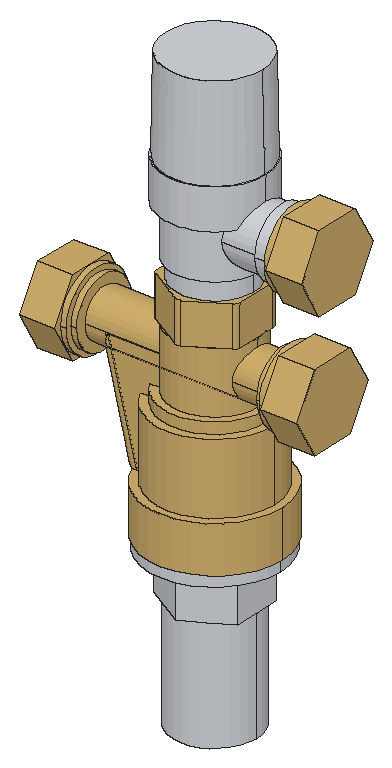
Revit family
Parameters (values of type "KHN3.104")
  URL = "http://www.autospec.co.za/browse.php?id=1644179288"
  Radius of Pipe = Diameter of Pipe / 2  # 7.5 mm
  Product Code = "KHN3.104"
  Pressure Rating = 400 kPa
  OmniClass Title = ""
  OmniClass Number = ""
  Modspec Classification = ""
  Specification = ""
  Location (revit room) = ""
  Model = "Pressure Control Mono Valve KHN3.104"
  Manufacturer = "Kwikot"  # constant formula
  Material = DZR Brass
  Diameter of Pipe = 15 mm
  Colour = none
  Body Finish = none
  Assembly Code = "D2090800"
Types (6, lengths in mm): name | Radius of Pipe | Product Code | Pressure Rating | Model | Diameter of Pipe
  (no name) | 7.5 | "KHN3.104" | 400 kPa | "Pressure Control Mono Valve KHN3.104" | 15
  KHN3.104 | 7.5 | "KHN3.104" | 400 kPa | "Pressure Control Mono Valve KHN3.104" | 15
  KHN3.106 | 7.5 | "KHN3.106" | 600 kPa | "Pressure Control Mono Valve KHN3.106" | 15
  KHN3.112 | 11 | "KHN3.112" | 200 kPa | "Pressure Control Mono Valve KHN3.112" | 22
  KHN3.114 | 11 | "KHN3.114" | 400 kPa | "Pressure Control Mono Valve KHN3.114" | 22
  KHN3.116 | 11 | "KHN3.116" | 600 kPa | "Pressure Control Mono Valve KHN3.116" | 22
Reference planes
  plane 1 "Center (Front/Back)": y = 0
  plane 2: z = 0
  plane 3 "Center (Left/Right)": x = 0
  plane 4: z = -102
  plane 5: z = 85
  plane 6: z = -67
  plane 7: x = 13
  plane 8: x = -13
  plane 9: z = -49.4
  plane 10: z = -34.9
  plane 11: z = -52.865
  plane 12: z = -12.9
  plane 13: z = -9.4
  plane 14: z = 9.6
  plane 15: z = 22.1
  plane 16: z = 28.1
  plane 17: z = 43.6
  plane 18: z = 56
  plane 19: x = 21.5
  plane 20: x = -34.5
  plane 21: x = 36.5
  plane 22: x = -49.5
  plane 23: x = 23.5
  plane 24: x = 25.5
  plane 25: x = -36.5
  plane 26: x = -38.5
  plane 27: z = 39.2
  plane 28: x = 38
  plane 29: x = 27
  plane 30: x = -6.5
Forms (mm)
  Extrusion 1, solid, detail levels fine
    sketch origin (-440, -1524, -102) x (-1, 0, 0) y (0, -1, 0)
      loop
        circle (-440, -1524) r 13
    from 0 to 35
  Extrusion 2, solid, detail levels fine
    sketch origin (-440, -1524, -67) x (-1, 0, 0) y (0, -1, 0)
      loop
        line (-453, -1531.506) -> (-440, -1539.011) -> (-427, -1531.506) -> (-427, -1516.494) -> (-440, -1508.989) -> (-453, -1516.494) -> (-453, -1531.506)
    from 0 to 14.135
  Extrusion 3, solid, detail levels fine
    sketch origin (-20.969, -1524, -52.865) x (-1, 0, 0) y (0, -1, 0)
      loop
        circle (-20.969, -1524) r 20.5
    from 0 to 3.465
  Extrusion 4, solid, material "DZR Brass" <- "Material", detail levels fine
    sketch origin (-165.612, -1524, -49.4) x (-1, 0, 0) y (0, -1, 0)
      loop
        circle (-165.612, -1524) r 21
    from 0 to 14.5
  Extrusion 5, solid, material "DZR Brass" <- "Material", detail levels fine
    sketch origin (0, 0, 0) x (0, 1, 0) y (0, 0, 1)
      loop
        circle (0, 0) r 7.5
    from 21.5 to -34.5
  Extrusion 6, solid, material "DZR Brass" <- "Material", detail levels fine
    sketch origin (-165.612, -1524, -34.9) x (-1, 0, 0) y (0, -1, 0)
      loop
        circle (-165.612, -1524) r 18.5
    from 0 to 22
  Extrusion 7, solid, material "DZR Brass" <- "Material", detail levels fine
    sketch origin (-60.699, -1524, -12.9) x (-1, 0, 0) y (0, -1, 0)
      loop
        circle (-60.699, -1524) r 16
    from 0 to 3.5
  Extrusion 8, solid, material "DZR Brass" <- "Material", detail levels fine
    sketch origin (-60.699, -1524, -9.4) x (-1, 0, 0) y (0, -1, 0)
      loop
        circle (-60.699, -1524) r 13.5
    from 0 to 19
  Blend 9, solid, material "DZR Brass" <- "Material", detail levels fine
    base sketch origin (-60.699, -1524, -9.4) x (-1, 0, 0) y (0, -1, 0)
      loop
        arc (-33.344, -1531.5) -> (-32.119, -1531.239) -> (-31.108, -1530.5) r 3
        arc (-31.108, -1530.5) -> (-28.625, -1524) -> (-31.108, -1517.5) r 9.75
        arc (-31.108, -1517.5) -> (-32.119, -1516.761) -> (-33.344, -1516.5) r 3
        line (-33.344, -1516.5) -> (-54.199, -1516.5) -> (-54.199, -1531.5) -> (-33.344, -1531.5)
    top sketch origin (-60.699, -1524, -9.4) x (-1, 0, 0) y (0, -1, 0)
      loop
        line (-54.199, -1531.5) -> (-41.076, -1531.5)
        arc (-41.076, -1531.5) -> (-39.522, -1530.951) -> (-38.659, -1529.548) r 2.472
        arc (-38.659, -1529.548) -> (-37.702, -1524.321) -> (-38.455, -1519.06) r 16.5
        arc (-38.455, -1519.06) -> (-40.056, -1517.196) -> (-42.412, -1516.5) r 4.338
        line (-42.412, -1516.5) -> (-54.199, -1516.5) -> (-54.199, -1531.5)
    from 9.4 to -25.5
  Extrusion 10, solid, material "DZR Brass" <- "Material", detail levels fine
    sketch origin (-60.699, -1524, 9.6) x (-1, 0, 0) y (0, -1, 0)
      loop
        line (-72.699, -1532.083) -> (-61.699, -1538.434)
        arc (-61.699, -1538.434) -> (-60.699, -1538.702) -> (-59.699, -1538.434) r 2
        line (-59.699, -1538.434) -> (-48.699, -1532.083)
        arc (-48.699, -1532.083) -> (-47.967, -1531.351) -> (-47.699, -1530.351) r 2
        line (-47.699, -1530.351) -> (-47.699, -1517.649)
        arc (-47.699, -1517.649) -> (-47.967, -1516.649) -> (-48.699, -1515.917) r 2
        line (-48.699, -1515.917) -> (-59.699, -1509.566)
        arc (-59.699, -1509.566) -> (-60.699, -1509.298) -> (-61.699, -1509.566) r 2
        line (-61.699, -1509.566) -> (-72.699, -1515.917)
        arc (-72.699, -1515.917) -> (-73.431, -1516.649) -> (-73.699, -1517.649) r 2
        line (-73.699, -1517.649) -> (-73.699, -1530.351)
        arc (-73.699, -1530.351) -> (-73.431, -1531.351) -> (-72.699, -1532.083) r 2
    from 0 to 12.5
  Extrusion 11, solid, detail levels fine
    sketch origin (-60.699, -1524, 22.1) x (-1, 0, 0) y (0, -1, 0)
      loop
        circle (-60.699, -1524) r 12.2
    from 0 to 6
  Extrusion 12, solid, detail levels fine
    sketch origin (-60.699, -1524, 28.1) x (-1, 0, 0) y (0, -1, 0)
      loop
        circle (-60.699, -1524) r 13.5
    from 0 to 15.5
  Extrusion 13, solid, detail levels fine
    sketch origin (-60.699, -1524, 43.6) x (-1, 0, 0) y (0, -1, 0)
      loop
        circle (-60.699, -1524) r 16
    from 0 to 12.4
  Blend 14, solid, detail levels fine
    base sketch origin (-60.699, -1524, 56) x (-1, 0, 0) y (0, -1, 0)
      loop
        circle (-60.699, -1524) r 15.5
    top sketch origin (-60.699, -1524, 56) x (-1, 0, 0) y (0, -1, 0)
      loop
        circle (-60.699, -1524) r 15
    from 0 to 29
  Extrusion 15, solid, material "DZR Brass" <- "Material", detail levels fine
    sketch origin (21.5, -1524, -21.263) x (0, 0, -1) y (0, -1, 0)
      loop
        circle (-21.263, -1524) r 10.5
    from 0 to -2
  Extrusion 16, solid, material "DZR Brass" <- "Material", detail levels fine
    sketch origin (-34.5, -1524, -21.263) x (0, 0, -1) y (0, -1, 0)
      loop
        circle (-21.263, -1524) r 10.5
    from 0 to 2
  Extrusion 17, solid, material "DZR Brass" <- "Material", detail levels fine
    sketch origin (21.5, -1524, -21.263) x (0, 0, -1) y (0, -1, 0)
      loop
        circle (-21.263, -1524) r 12
    from -2 to -4
  Extrusion 18, solid, material "DZR Brass" <- "Material", detail levels fine
    sketch origin (-34.5, -1524, -21.263) x (0, 0, -1) y (0, -1, 0)
      loop
        circle (-21.263, -1524) r 12
    from 2 to 4
  Extrusion 19, solid, material "DZR Brass" <- "Material", detail levels fine
    sketch origin (25.5, -1524, -21.263) x (0, 0, -1) y (0, -1, 0)
      loop
        line (-9.263, -1517.072) -> (-21.263, -1510.144) -> (-33.263, -1517.072) -> (-33.263, -1530.928) -> (-21.263, -1537.856) -> (-9.263, -1530.928) -> (-9.263, -1517.072)
    from 0 to -11
  Extrusion 20, solid, material "DZR Brass" <- "Material", detail levels fine
    sketch origin (-38.5, -1524, -21.263) x (0, 0, -1) y (0, -1, 0)
      loop
        line (-33.263, -1517.072) -> (-33.263, -1530.928) -> (-21.263, -1537.856) -> (-9.263, -1530.928) -> (-9.263, -1517.072) -> (-21.263, -1510.144) -> (-33.263, -1517.072)
    from 0 to 11
  Extrusion 21, solid, detail levels fine
    sketch origin (0, 0, 0) x (0, 1, 0) y (0, 0, 1)
      loop
        circle (0, 39.2) r 9.5
    from 0 to 20.8
  Extrusion 22, solid, detail levels fine
    sketch origin (0, 0, 0) x (0, 1, 0) y (0, 0, 1)
      loop
        circle (0, 39.2) r 10.45
    from 20.8 to 25
  Extrusion 23, solid, material "DZR Brass" <- "Material", detail levels fine
    sketch origin (0, 0, 0) x (0, 1, 0) y (0, 0, 1)
      loop
        circle (0, 39.2) r 12
    from 25 to 27
  Extrusion 24, solid, material "DZR Brass" <- "Material", detail levels fine
    sketch origin (38, -1524, 63.742) x (0, 0, 1) y (0, -1, 0)
      loop
        line (-12.542, -1517.072) -> (-24.542, -1510.144) -> (-36.542, -1517.072) -> (-36.542, -1530.928) -> (-24.542, -1537.856) -> (-12.542, -1530.928) -> (-12.542, -1517.072)
    from 0 to -11
Cuts and joins
  joined: Extrusion 11, Extrusion 12, Extrusion 13, Blend 14, Extrusion 21, Extrusion 22
  joined: Extrusion 23, Extrusion 24
  joined: Extrusion 1, Extrusion 2, Extrusion 3
  joined: Extrusion 5, Extrusion 10, Extrusion 15, Extrusion 16, Extrusion 17, Extrusion 18, Extrusion 19, Extrusion 20
  joined: Extrusion 4, Extrusion 6, Extrusion 7, Extrusion 8, Blend 9
Lines and regions (mm)
  model lines
    curve 1: line (-6.5, 0, 0) -> (-6.5, 27.166, 0)
    curve 2: line (-16.5, 27.166, 0) -> (3.5, 27.166, 0)
    curve 3: arc (-16.5, 27.166, 0) -> (-6.5, 30.985, 0) -> (3.5, 27.166, 0) r 15
    curve 4: line (-6.5, 30.985, 0) -> (-6.5, 42.166, 0)
    curve 5: line (-6.5, 42.166, 0) -> (29.75, 42.166, 0)
    curve 6: line (29.75, 42.166, 0) -> (29.75, 0, 0)
    curve 7: line (-34.5, -10.5, 0) -> (-34.5, 10.5, 0)
    curve 8: line (-34.5, 10.5, 0) -> (21.5, -10.5, 0)
    curve 9: line (-34.5, -10.5, 0) -> (21.5, 10.5, 0)
    curve 10: line (21.5, -10.5, 0) -> (21.5, 10.5, 0)
    curve 11: line (-34.5, 0, 0) -> (-49.5, 0, 0)
    curve 12: line (21.5, 0, 0) -> (36.5, 0, 0)
Dimensions and locks
  level to plane 4 = 102 mm
  plane 6 to plane 4 = 35 mm
  plane 8 to plane 7 = 26 mm
  plane 3 "Center (Left/Right)" to plane 19 = 21.5 mm
  plane 20 to plane 19 = 56 mm
  plane 3 "Center (Left/Right)" to plane 21 = 36.5 mm
  plane 22 to plane 3 "Center (Left/Right)" = 49.5 mm
  plane 27 to plane 2 = 39.2 mm
  plane 28 to plane 3 "Center (Left/Right)" = 38 mm
  plane 28 to plane 29 = 11 mm
  plane 29 to plane 3 "Center (Left/Right)" = 27 mm
  "Radius of Pipe": plane 1 "Center (Front/Back)" to Blend 9 sketch curve
  equal spacing: Blend 9 sketch curve, plane 1 "Center (Front/Back)", Blend 9 sketch curve
  plane 20 to Blend 9 sketch curve = 2.426 mm
  plane 20 to Blend 9 sketch curve = 11.5 mm
  radius of Extrusion 1 sketch curve = 13 mm
  "Radius of Pipe": radius of Extrusion 5 sketch curve
  radius of Extrusion 21 sketch curve = 9.5 mm
  radius of Extrusion 23 sketch curve = 12 mm
  radius of Extrusion 22 sketch curve = 10.45 mm
  aligned and locked: level to plane 2
  aligned and locked: plane 6 to Extrusion 1
  aligned and locked: Extrusion 1 to plane 4
  aligned and locked: plane 11 to Extrusion 2
  aligned and locked: Extrusion 2 to plane 6
  aligned and locked: plane 9 to Extrusion 3
  aligned and locked: Extrusion 3 to Extrusion 2
  aligned and locked: plane 10 to Extrusion 4
  aligned and locked: Extrusion 4 to plane 9
  aligned and locked: plane 12 to Extrusion 6
  aligned and locked: Extrusion 6 to plane 10
  aligned and locked: plane 13 to Extrusion 7
  aligned and locked: Extrusion 7 to plane 12
  aligned and locked: plane 14 to Extrusion 8
  aligned and locked: Extrusion 8 to Extrusion 7
  aligned and locked: plane 15 to Extrusion 10
  aligned and locked: Extrusion 10 to Extrusion 8
  aligned and locked: plane 16 to Extrusion 11
  aligned and locked: Extrusion 11 to plane 15
  aligned and locked: plane 17 to Extrusion 12
  aligned and locked: Extrusion 12 to plane 16
  aligned and locked: plane 18 to Extrusion 13
  aligned and locked: Extrusion 13 to plane 17
  aligned and locked: plane 5 to Blend 14
  aligned and locked: Blend 14 to plane 18
  aligned and locked: plane 20 to Extrusion 5
  aligned and locked: Extrusion 5 to plane 19
  aligned: Extrusion 16 sketch curve to Extrusion 15
  aligned and locked: Extrusion 16 sketch curve to Extrusion 15
  aligned and locked: Extrusion 17 to Extrusion 15
  aligned: Extrusion 18 sketch curve to Extrusion 17
  aligned and locked: Extrusion 18 sketch curve to Extrusion 17
  aligned and locked: Extrusion 15 to plane 23
  aligned and locked: plane 23 to Extrusion 17
  aligned and locked: Extrusion 17 to plane 24
  aligned and locked: plane 25 to Extrusion 16
  aligned and locked: Extrusion 18 to Extrusion 16
  aligned and locked: plane 26 to Extrusion 18
  aligned and locked: Extrusion 19 to Extrusion 17
  aligned and locked: Extrusion 19 to plane 21
  aligned and locked: plane 22 to Extrusion 20
  aligned and locked: Extrusion 20 to Extrusion 18
  aligned and locked: plane 1 "Center (Front/Back)" to Extrusion 21 sketch curve
  aligned and locked: plane 27 to Extrusion 21 sketch curve
  aligned and locked: plane 27 to Extrusion 22 sketch curve
  aligned and locked: plane 1 "Center (Front/Back)" to Extrusion 22 sketch curve
  aligned and locked: plane 27 to Extrusion 23 sketch curve
  aligned and locked: plane 1 "Center (Front/Back)" to Extrusion 23 sketch curve
  aligned and locked: plane 29 to Extrusion 23
  aligned and locked: plane 28 to Extrusion 24
  aligned and locked: Extrusion 24 to plane 29
  aligned and locked: plane 30 to Blend 9 sketch curve
  aligned and locked: plane 1 "Center (Front/Back)" to Blend 9 sketch curve
  aligned and locked: Blend 9 sketch curve to var sketch  (x2)
  aligned and locked: var sketch to Blend 9 sketch curve
  aligned and locked: cut or joined group of Extrusion 5, Extrusion 10, Extrusion 15, Extrusion 16, Extrusion 17, Extrusion 18, Extrusion 19, Extrusion 20 to curve 12
Automatic sketch dimensions
  plane 1 "Center (Front/Back)" to Extrusion 1 sketch curve = 0 mm
  Extrusion 1 sketch curve to plane 3 "Center (Left/Right)" = 0 mm
  Extrusion 2 sketch curve to plane 7 = 0 mm
  Extrusion 2 sketch curve to plane 3 "Center (Left/Right)" = 0 mm  (x2)
  Extrusion 2 sketch curve to plane 8 = 0 mm
  Extrusion 2 sketch curve to plane 1 "Center (Front/Back)" = 15.011 mm
  Extrusion 2 sketch curve to plane 1 "Center (Front/Back)" = 7.506 mm  (x2)
  plane 1 "Center (Front/Back)" to Extrusion 2 sketch curve = 7.506 mm  (x2)
  Extrusion 2 sketch curve to Extrusion 2 sketch curve = 7.506 mm
  plane 1 "Center (Front/Back)" to Extrusion 3 sketch curve = 0 mm
  Extrusion 3 sketch curve to plane 3 "Center (Left/Right)" = 0 mm
  plane 1 "Center (Front/Back)" to Extrusion 4 sketch curve = 0 mm
  Extrusion 4 sketch curve to plane 3 "Center (Left/Right)" = 0 mm
  Extrusion 5 sketch curve to level = 0 mm
  Extrusion 5 sketch curve to plane 1 "Center (Front/Back)" = 0 mm
  plane 1 "Center (Front/Back)" to Extrusion 6 sketch curve = 0 mm
  Extrusion 6 sketch curve to plane 3 "Center (Left/Right)" = 0 mm
  plane 1 "Center (Front/Back)" to Extrusion 7 sketch curve = 0 mm
  Extrusion 7 sketch curve to plane 3 "Center (Left/Right)" = 0 mm
  plane 1 "Center (Front/Back)" to Extrusion 8 sketch curve = 0 mm
  Extrusion 8 sketch curve to plane 3 "Center (Left/Right)" = 0 mm
  Extrusion 10 sketch curve to plane 7 = 0 mm
  Extrusion 10 sketch curve to plane 3 "Center (Left/Right)" = 0 mm  (x2)
  Extrusion 10 sketch curve to plane 8 = 0 mm
  plane 7 to Extrusion 10 sketch curve = 1 mm  (x2)
  Extrusion 10 sketch curve to Extrusion 10 sketch curve = 2 mm  (x2)
  plane 3 "Center (Left/Right)" to Extrusion 10 sketch curve = 1 mm  (x2)
  Extrusion 10 sketch curve to plane 3 "Center (Left/Right)" = 1 mm  (x2)
  Extrusion 10 sketch curve to plane 8 = 2 mm  (x2)
  Extrusion 10 sketch curve to plane 8 = 1 mm  (x2)
  Extrusion 10 sketch curve to plane 1 "Center (Front/Back)" = 14.434 mm
  Extrusion 10 sketch curve to Extrusion 10 sketch curve = 1.732 mm  (x2)
  Extrusion 10 sketch curve to plane 1 "Center (Front/Back)" = 8.083 mm  (x2)
  plane 1 "Center (Front/Back)" to Extrusion 10 sketch curve = 6.351 mm  (x2)
  Extrusion 10 sketch curve to Extrusion 10 sketch curve = 6.351 mm
  plane 1 "Center (Front/Back)" to Extrusion 11 sketch curve = 0 mm
  Extrusion 11 sketch curve to plane 3 "Center (Left/Right)" = 0 mm
  plane 1 "Center (Front/Back)" to Extrusion 12 sketch curve = 0 mm
  Extrusion 12 sketch curve to plane 3 "Center (Left/Right)" = 0 mm
  plane 1 "Center (Front/Back)" to Extrusion 13 sketch curve = 0 mm
  Extrusion 13 sketch curve to plane 3 "Center (Left/Right)" = 0 mm
  plane 1 "Center (Front/Back)" to Blend 14 sketch curve = 0 mm  (x2)
  Blend 14 sketch curve to plane 3 "Center (Left/Right)" = 0 mm  (x2)
  Extrusion 15 sketch curve to level = 0 mm
  Extrusion 15 sketch curve to plane 1 "Center (Front/Back)" = 0 mm
  Extrusion 17 sketch curve to level = 0 mm
  Extrusion 17 sketch curve to plane 1 "Center (Front/Back)" = 0 mm
  Extrusion 19 sketch curve to level = 0 mm  (x2)
  plane 14 to Extrusion 19 sketch curve = 2.4 mm
  plane 12 to Extrusion 19 sketch curve = 0.9 mm
  Extrusion 19 sketch curve to plane 1 "Center (Front/Back)" = 13.856 mm
  Extrusion 19 sketch curve to plane 1 "Center (Front/Back)" = 6.928 mm  (x2)
  plane 1 "Center (Front/Back)" to Extrusion 19 sketch curve = 6.928 mm  (x2)
  plane 1 "Center (Front/Back)" to Extrusion 19 sketch curve = 13.856 mm
  Extrusion 20 sketch curve to level = 0 mm  (x2)
  plane 14 to Extrusion 20 sketch curve = 2.4 mm
  plane 12 to Extrusion 20 sketch curve = 0.9 mm
  Extrusion 20 sketch curve to plane 1 "Center (Front/Back)" = 13.856 mm
  Extrusion 20 sketch curve to plane 1 "Center (Front/Back)" = 6.928 mm  (x2)
  plane 1 "Center (Front/Back)" to Extrusion 20 sketch curve = 6.928 mm  (x2)
  Extrusion 20 sketch curve to Extrusion 20 sketch curve = 6.928 mm
  Blend 9 sketch curve to Blend 9 sketch curve = 2.236 mm  (x2)
  Blend 9 sketch curve to Blend 9 sketch curve = 0 mm  (x4)
  Blend 9 sketch curve to Blend 9 sketch curve = 2 mm
  plane 1 "Center (Front/Back)" to Blend 9 sketch curve = 0 mm
  Blend 9 sketch curve to plane 30 = 0 mm
  Blend 9 sketch curve to Blend 9 sketch curve = 2.417 mm
  Blend 9 sketch curve to Blend 9 sketch curve = 1.778 mm
  plane 1 "Center (Front/Back)" to curve 11 = 0 mm
  curve 11 to plane 22 = 0 mm
  curve 11 to plane 20 = 0 mm
  curve 5 to plane 30 = 0 mm
  curve 1 to plane 30 = 0 mm
  curve 3 to plane 30 = 0 mm
  curve 8 to plane 19 = 0 mm
  plane 1 "Center (Front/Back)" to curve 6 = 0 mm
  plane 1 "Center (Front/Back)" to curve 1 = 0 mm
  plane 8 to curve 2 = 3.5 mm
  plane 29 to curve 5 = 2.75 mm
  plane 1 "Center (Front/Back)" to curve 7 = 10.5 mm
  curve 10 to curve 12 = 10.5 mm
  curve 9 to plane 1 "Center (Front/Back)" = 10.5 mm
  curve 1 to curve 3 = 15.985 mm
  curve 3 to curve 3 = 11.18 mm
  curve 3 to curve 6 = 15 mm
  radius of Extrusion 3 sketch curve = 20.5 mm
  radius of Extrusion 4 sketch curve = 21 mm
  radius of Extrusion 6 sketch curve = 18.5 mm
  radius of Extrusion 7 sketch curve = 16 mm
  radius of Extrusion 8 sketch curve = 13.5 mm
  radius of Extrusion 11 sketch curve = 12.2 mm
  radius of Extrusion 12 sketch curve = 13.5 mm
  radius of Extrusion 13 sketch curve = 16 mm
  radius of Blend 14 sketch curve = 15.5 mm
  radius of Blend 14 sketch curve = 15 mm
  radius of Extrusion 15 sketch curve = 10.5 mm
  radius of Extrusion 17 sketch curve = 12 mm
Connectors
  piping at (-49.5, 0, 0), driven by "Radius of Pipe"
    settings: on Extrusion 20, index 1, connector radius 7.5 mm, flow factor 0, pipe flow 0.0 L/s, pressure drop 0 kPa, fitting loss kfactor 0, connector angle 0.00°, fixture units 0, flow configuration 0, flow direction 0, fitting loss method 0, system type 29, connector reference index 2, connector utility 0, adjustable connector yes, is connector primary no, fitting loss table "", connector description ""
  piping at (36.5, 0, 0), driven by "Radius of Pipe"
    settings: on Extrusion 19, index 2, connector radius 7.5 mm, flow factor 0, pipe flow 0.0 L/s, pressure drop 0 kPa, fitting loss kfactor 0, connector angle 0.00°, fixture units 0, flow configuration 0, flow direction 0, fitting loss method 0, system type 29, connector reference index 1, connector utility 0, adjustable connector yes, is connector primary yes, fitting loss table "", connector description ""
